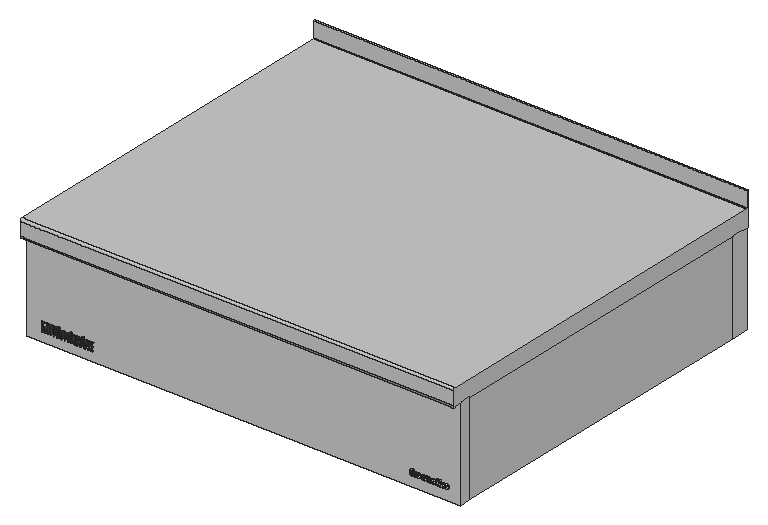
Revit family "QF_ELECTROLUXPROFESSIONAL_588569_MBNABBJOOO", category Attrezzature speciali, Revit 2020
Family settings
  Quota connettore circolare = Usa diametro
  Tipo di parte = Normale
  Basato su piano di lavoro = No
  Sempre verticale = Sì
  Taglio con vuoti quando caricato = No
  Condiviso = No
  Punto di calcolo locali = No
Parameters (values of type "Standard")
  Weight = 29.00 kg
  Watts = 0 W
  Volts = 0 V
  URL Manufacturer = "https://www.electroluxprofessional.com/"
  URL = "https://www.electroluxprofessional.com/"
  Steam Supply Size = 0"
  Steam Supply Minimum Pressure = 0.00 psi
  Steam Supply Maximum Pressure = 0.00 psi
  Steam Consumption per Hour = 0
  Refrigeration Suction Line Size = 0 mm
  Refrigeration Liquid Line Size = 0 mm
  Refrigerant Compressor Remote = yes
  Prospetto di default = 0 mm
  Phase = 0
  Modello = "MBNABBJOOO"
  Produttore = "Electrolux Professional"
  Length Actual = 1000 mm  # constant formula
  Item Number = "588569"
  Hot Water Size = 0"
  Height Actual = 250 mm  # constant formula
  HP = "0 HP"
  Gas Size = 0"
  Gas KW = 0
  Gas Input Pressure = 0.0 Btu/h
  Direct Waste Size = 0"
  Descrizione = "WORK TOP,CLOSED,1S,BACKSPL,1000X850X250H"
  Depth Actual = 850 mm  # constant formula
  Cycle = 0 Hz
  Condensate Return Size = 0"
  Compressed Air Volume = 0 GPM
  Compressed Air Size = 0"
  Compressed Air Pressure = 0.00 psi
  Cold Water Size = 0"
  Accessory = yes
Reference planes
  plane 1 "BACK": y = 0
  plane 2: z = 0
  plane 3 "LEFT": x = 0
  plane 4 "RIGHT": x = 1000
  plane 5 "FRONT": y = -850
  plane 6 "PLAIN": z = 900
  plane 7 "Center (Left/Right)": x = 500
  plane 8 "Center (Front/Back)": y = -425
  plane 9 "Grill": z = 888
  plane 10 "BASE": z = 650
  plane 11 "TOP": z = 938
  plane 12: x = 885
  plane 13: x = 35
Forms (mm)
  Extrusion 1, solid, material "QF_Finishes_Stainless Steel"
    sketch origin (0, 0, 650) x (0, 1, 0) y (0, 0, 1)
      loop
        line (0, 288) -> (-2, 288) -> (-2, 252)
        arc (-2, 252) -> (-2.586, 250.586) -> (-4, 250) r 2
        line (-4, 250) -> (-845, 250)
        arc (-845, 250) -> (-848.536, 248.536) -> (-850, 245) r 5
        line (-850, 245) -> (-850, 214)
        arc (-850, 214) -> (-848.571, 210.936) -> (-845.305, 210.061) r 4
        line (-845.305, 210.061) -> (-830, 212.969) -> (-20, 212.969) -> (-4.695, 210.061)
        arc (-4.695, 210.061) -> (-1.429, 210.936) -> (0, 214) r 4
        line (0, 214) -> (0, 288)
    from 0 to 1000
  Extrusion 2, solid, material "QF_Finishes_Stainless Steel"
    sketch origin (500, 296.4, 1869.2) x (0, 1, 0) y (0, 0, 1)
      loop
        line (-299.4, -1009.461) -> (-316.4, -1006.231) -> (-341.4, -1006.231) -> (-341.4, -1219.2) -> (-299.4, -1219.2) -> (-299.4, -1009.461)
    from -500 to 500
  Extrusion 3, solid, material "QF_Finishes_Stainless Steel"
    sketch origin (0, 0, 650) x (0, 1, 0) y (0, 0, 1)
      loop
        line (-45, 212.969) -> (-805, 212.969) -> (-805, 0) -> (-45, 0) -> (-45, 212.969)
    from 0 to 1000
  Extrusion 4, solid, material "QF_Finishes_Stainless Steel"
    sketch origin (0, 0, 0) x (0, 1, 0) y (0, 0, 1)
      loop
        line (-805, 862.969) -> (-830, 862.969) -> (-830, 650) -> (-805, 650) -> (-805, 862.969)
    from 0 to 1000
Lines and regions (mm)
  symbolic lines
    curve 1: line (0, -850, 0) -> (0, 0, 0)
    curve 2: line (0, -850, 888) -> (1000, -850, 888)
    curve 3: line (1000, 0, 888) -> (0, 0, 888)
    curve 4: line (1000, -850, 888) -> (1000, 0, 888)
    curve 5: line (1000, -2, 888) -> (0, -2, 888)
Dimensions and locks
  plane 3 "LEFT" to plane 4 "RIGHT" = 1000 mm
  plane 5 "FRONT" to plane 1 "BACK" = 850 mm
  equal spacing: plane 3 "LEFT", plane 7 "Center (Left/Right)", plane 4 "RIGHT"
  equal spacing: plane 5 "FRONT", plane 8 "Center (Front/Back)", plane 1 "BACK"
  locked: plane 6 "PLAIN" to level at 900
  plane 6 "PLAIN" to plane 10 "BASE" = 250 mm
  plane 11 "TOP" to plane 6 "PLAIN" = 38 mm
  locked: plane 12 to plane 4 "RIGHT" at 115
  plane 13 to plane 3 "LEFT" = 35 mm
  aligned and locked: level to plane 2
  aligned and locked: Extrusion 4 to plane 3 "LEFT"
  aligned and locked: Extrusion 4 to plane 4 "RIGHT"
  aligned and locked: plane 3 "LEFT" to Extrusion 2
  aligned and locked: Extrusion 2 to plane 4 "RIGHT"
  aligned and locked: Extrusion 3 to plane 4 "RIGHT"
  aligned and locked: Extrusion 3 to plane 3 "LEFT"
  aligned and locked: Extrusion 1 to plane 3 "LEFT"
  aligned and locked: Extrusion 1 to plane 4 "RIGHT"
  aligned and locked: nested 1 to plane 12
Automatic sketch dimensions
  plane 1 "BACK" to curve 1 = 0 mm
  curve 1 to plane 3 "LEFT" = 0 mm
  plane 5 "FRONT" to curve 1 = 0 mm
  Extrusion 1 sketch curve to plane 5 "FRONT" = 0 mm
  Extrusion 1 sketch curve to plane 6 "PLAIN" = 0 mm
  Extrusion 1 sketch curve to plane 11 "TOP" = 0 mm
  Extrusion 1 sketch curve to plane 1 "BACK" = 0 mm
  Extrusion 1 sketch curve to Extrusion 1 sketch curve = 4 mm
  Extrusion 1 sketch curve to Extrusion 1 sketch curve = 0.695 mm
  Extrusion 1 sketch curve to Extrusion 1 sketch curve = 5 mm
  Extrusion 1 sketch curve to Extrusion 1 sketch curve = 15.305 mm
  plane 1 "BACK" to Extrusion 1 sketch curve = 20 mm
  plane 1 "BACK" to Extrusion 1 sketch curve = 4.695 mm
  plane 1 "BACK" to Extrusion 1 sketch curve = 4 mm  (x2)
  plane 1 "BACK" to Extrusion 1 sketch curve = 2 mm
  Extrusion 1 sketch curve to plane 9 "Grill" = 24 mm  (x2)
  Extrusion 1 sketch curve to Extrusion 1 sketch curve = 2.909 mm
  Extrusion 2 sketch curve to plane 10 "BASE" = 0 mm
  plane 1 "BACK" to Extrusion 2 sketch curve = 45 mm
  plane 1 "BACK" to Extrusion 2 sketch curve = 20 mm
  plane 1 "BACK" to Extrusion 2 sketch curve = 3 mm
  Extrusion 2 sketch curve to plane 9 "Grill" = 28.261 mm
  Extrusion 2 sketch curve to plane 9 "Grill" = 25.031 mm
  Extrusion 3 sketch curve to plane 10 "BASE" = 0 mm
  Extrusion 3 sketch curve to plane 5 "FRONT" = 45 mm
  plane 1 "BACK" to Extrusion 3 sketch curve = 45 mm
  Extrusion 3 sketch curve to plane 9 "Grill" = 25.031 mm
  curve 2 to plane 4 "RIGHT" = 0 mm
  plane 5 "FRONT" to curve 2 = 0 mm
  curve 5 to plane 3 "LEFT" = 0 mm
  plane 1 "BACK" to curve 4 = 0 mm
  curve 3 to plane 3 "LEFT" = 0 mm
  curve 2 to plane 3 "LEFT" = 0 mm
  curve 5 to curve 3 = 2 mm
  Extrusion 4 sketch curve to plane 10 "BASE" = 0 mm
  Extrusion 4 sketch curve to plane 5 "FRONT" = 20 mm
  Extrusion 4 sketch curve to Extrusion 4 sketch curve = 25 mm
  Extrusion 4 sketch curve to plane 9 "Grill" = 25.031 mm
Nested families
  nested 1: "ELX_ThermaLine_Small" at (924.867, -830, 680) x (1, 0, 0) z (0, -1, 0), type "ELX_ThermaLine_Small"
    with Show Logo yes, Material_Logo QF_Finishes_Black
  nested 2: "ELX_Professional_Logo_Small" at (94.486, -830, 682.232) x (1, 0, 0) z (0, -1, 0), type "ELX_Professional_Logo_Small"
    with Show Logo yes, Material_Logo QF_Finishes_Black
Definition of nested family "ELX_ThermaLine_Small"
  Parameters
    Show Logo [instance] = yes
    Material_Logo [instance] = none
    Default Elevation = 0 mm
  Reference planes
    plane 1 "Centro (Fronte/Retro)": y = 0
    plane 2: z = 0
    plane 3 "Centro (Sinistra/Destra)": x = 0
  Forms (mm)
    Extrusion 1, solid
      sketch origin (0, 0, 0) x (1, 0, 0) y (0, 1, 0)
        loop
          line (-1219.2, 1219.2) -> (-1219.2, -1219.2) -> (1219.2, -1219.2) -> (1219.2, 1219.2) -> (-1219.2, 1219.2)
      from 0 to -304.8
    Extrusion 2, solid
      sketch origin (0, 0, 0) x (1, 0, 0) y (0, 1, 0)
        loop
          line (-37.494, 1.229) -> (-35.908, 1.229) -> (-35.908, 3.066) -> (-37.494, 3.066) -> (-37.494, 6.221) -> (-39.867, 4.881) -> (-39.867, 3.066) -> (-40.969, 3.066) -> (-40.969, 1.229) -> (-39.867, 1.229) -> (-39.867, -3.407)
          arc (-39.867, -3.407) -> (-38.982, -5.513) -> (-36.751, -6.001) r 2.478
          line (-36.751, -6.001) -> (-35.638, -5.7) -> (-35.9, -3.835) -> (-36.661, -4.039)
          arc (-36.661, -4.039) -> (-37.236, -3.924) -> (-37.494, -3.399) r 0.662
          line (-37.494, -3.399) -> (-37.494, 1.229)
        loop
          line (-34.242, 6.539) -> (-34.242, -5.848) -> (-31.854, -5.848) -> (-31.854, -0.078)
          arc (-31.854, -0.078) -> (-30.939, 1.249) -> (-29.33, 1.367) r 1.866
          arc (-29.33, 1.367) -> (-28.695, 0.768) -> (-28.461, -0.073) r 1.627
          line (-28.461, -0.073) -> (-28.461, -5.848) -> (-26.086, -5.848) -> (-26.064, -0.46)
          arc (-26.064, -0.46) -> (-26.261, 0.932) -> (-26.786, 2.237) r 5.825
          arc (-26.786, 2.237) -> (-29.381, 3.264) -> (-31.854, 1.971) r 3.353
          line (-31.854, 1.971) -> (-31.854, 6.539) -> (-34.242, 6.539)
        loop
          arc (-18.398, -0.598) -> (-18.893, 0.879) -> (-20.326, 1.487) r 1.897
          arc (-20.326, 1.487) -> (-21.461, 0.708) -> (-21.897, -0.598) r 2.164
          line (-21.897, -0.598) -> (-18.398, -0.598)
        loop
          arc (-16.021, -2.044) -> (-16.754, 1.227) -> (-19.444, 3.226) r 4.814
          arc (-19.444, 3.226) -> (-22.137, 2.788) -> (-23.943, 0.743) r 4.054
          arc (-23.943, 0.743) -> (-24.382, -1.249) -> (-24.162, -3.276) r 6.289
          arc (-24.162, -3.276) -> (-23.302, -4.71) -> (-21.958, -5.705) r 4.28
          arc (-21.958, -5.705) -> (-18.558, -5.814) -> (-16.152, -3.409) r 4.28
          line (-16.152, -3.409) -> (-18.5, -2.995)
          arc (-18.5, -2.995) -> (-19.273, -3.994) -> (-20.533, -4.076) r 1.536
          arc (-20.533, -4.076) -> (-21.56, -3.281) -> (-21.958, -2.044) r 2.197
          line (-21.958, -2.044) -> (-16.021, -2.044)
        loop
          line (-14.165, -5.848) -> (-11.819, -5.848) -> (-11.819, -2.138)
          arc (-11.819, -2.138) -> (-11.787, -1.156) -> (-11.637, -0.185) r 8.18
          arc (-11.637, -0.185) -> (-10.644, 0.972) -> (-9.132, 0.776) r 1.603
          line (-9.132, 0.776) -> (-8.419, 2.846)
          arc (-8.419, 2.846) -> (-10.432, 3.118) -> (-11.994, 1.821) r 2.527
          line (-11.994, 1.821) -> (-11.994, 3.094) -> (-14.165, 3.094) -> (-14.165, -5.848)
        loop
          line (-7.579, 3.094) -> (-7.579, -5.848) -> (-5.178, -5.848) -> (-5.178, -0.756)
          arc (-5.178, -0.756) -> (-4.727, 0.679) -> (-3.417, 1.419) r 2.05
          arc (-3.417, 1.419) -> (-2.499, 0.908) -> (-2.155, -0.085) r 1.471
          line (-2.155, -0.085) -> (-2.155, -5.848) -> (0.23, -5.848) -> (0.23, -1.001)
          arc (0.23, -1.001) -> (0.47, 0.127) -> (1.148, 1.061) r 2.775
          arc (1.148, 1.061) -> (2.225, 1.329) -> (3.05, 0.587) r 1.182
          arc (3.05, 0.587) -> (3.199, -0.019) -> (3.214, -0.642) r 2.894
          line (3.214, -0.642) -> (3.214, -5.848) -> (5.601, -5.848) -> (5.601, 0.261)
          arc (5.601, 0.261) -> (4.87, 2.263) -> (2.976, 3.241) r 2.932
          arc (2.976, 3.241) -> (1.284, 2.973) -> (-0.047, 1.896) r 3.309
          arc (-0.047, 1.896) -> (-1.116, 2.865) -> (-2.506, 3.258) r 3.16
          arc (-2.506, 3.258) -> (-4.105, 2.942) -> (-5.376, 1.92) r 3.419
          line (-5.376, 1.92) -> (-5.376, 3.094) -> (-7.579, 3.094)
        loop
          line (7.583, 0.738) -> (9.702, 0.364)
          arc (9.702, 0.364) -> (11.441, 1.492) -> (12.855, -0.023) r 1.613
          line (12.855, -0.023) -> (9.782, -0.789)
          arc (9.782, -0.789) -> (8.559, -1.346) -> (7.617, -2.305) r 3.687
          arc (7.617, -2.305) -> (7.499, -3.681) -> (7.901, -5.003) r 3.651
          arc (7.901, -5.003) -> (9.107, -5.766) -> (10.515, -6.006) r 3.635
          arc (10.515, -6.006) -> (11.898, -5.697) -> (13.067, -4.895) r 3.734
          line (13.067, -4.895) -> (13.376, -5.848) -> (15.75, -5.848) -> (15.212, -4.193) -> (15.212, 0.38)
          arc (15.212, 0.38) -> (14.897, 1.849) -> (13.818, 2.895) r 2.585
          arc (13.818, 2.895) -> (11.792, 3.442) -> (9.719, 3.11) r 5.005
          arc (9.719, 3.11) -> (8.369, 2.178) -> (7.583, 0.738) r 3.54
        loop
          line (19.723, -5.848) -> (22.233, -5.848) -> (24.854, 6.484) -> (22.345, 6.484) -> (19.723, -5.848)
        loop
          line (24.583, -5.848) -> (26.953, -5.848) -> (28.848, 3.066) -> (26.478, 3.066) -> (24.583, -5.848)
        loop
          line (27.204, 6.484) -> (26.741, 4.305) -> (29.111, 4.305) -> (29.575, 6.484) -> (27.204, 6.484)
        loop
          line (29.355, -5.848) -> (31.849, -5.848) -> (33.098, 0.028)
          arc (33.098, 0.028) -> (34.169, 1.306) -> (35.832, 1.422) r 2.132
          arc (35.832, 1.422) -> (36.324, 0.752) -> (36.383, -0.078) r 1.5
          line (36.383, -0.078) -> (35.157, -5.848) -> (37.536, -5.848) -> (38.936, 0.738)
          arc (38.936, 0.738) -> (38.775, 2.091) -> (37.825, 3.066) r 2.118
          arc (37.825, 3.066) -> (35.392, 3.175) -> (33.295, 1.937) r 4.271
          line (33.295, 1.937) -> (33.535, 3.066) -> (31.25, 3.066) -> (29.355, -5.848)
        loop
          line (42.792, -0.64) -> (46.589, -0.64)
          arc (46.589, -0.64) -> (46.639, 0.124) -> (46.327, 0.823) r 1.589
          arc (46.327, 0.823) -> (45.117, 1.521) -> (43.762, 1.183) r 1.865
          arc (43.762, 1.183) -> (43.141, 0.344) -> (42.792, -0.64) r 3.538
        loop
          line (42.565, -2.138) -> (48.593, -2.138)
          arc (48.593, -2.138) -> (48.58, 0.597) -> (46.983, 2.818) r 4.494
          arc (46.983, 2.818) -> (44.191, 3.28) -> (41.725, 1.891) r 4.26
          arc (41.725, 1.891) -> (40.503, -0.3) -> (40.284, -2.799) r 6.003
          arc (40.284, -2.799) -> (40.959, -4.468) -> (42.377, -5.576) r 3.482
          arc (42.377, -5.576) -> (44.265, -5.961) -> (46.152, -5.576) r 4.823
          arc (46.152, -5.576) -> (47.432, -4.731) -> (48.328, -3.485) r 4.245
          line (48.328, -3.485) -> (46.168, -3.105)
          arc (46.168, -3.105) -> (45.214, -4.072) -> (43.859, -4.181) r 1.953
          arc (43.859, -4.181) -> (42.821, -3.408) -> (42.565, -2.138) r 1.81
        loop
          line (12.868, -1.553) -> (10.216, -2.214)
          arc (10.216, -2.214) -> (9.747, -3.136) -> (10.216, -4.058) r 1.14
          arc (10.216, -4.058) -> (11.537, -4.249) -> (12.614, -3.46) r 1.763
          arc (12.614, -3.46) -> (12.858, -2.522) -> (12.868, -1.553) r 3.97
      from 0 to 1.6
  Dimensions and locks
    aligned and locked: plane 2 to Extrusion 1
    aligned and locked: level to Extrusion 1
Definition of nested family "ELX_Professional_Logo_Small"
  Parameters
    Show Logo [instance] = yes
    Material_Logo [instance] = none
    Default Elevation = 0 mm
  Reference planes
    plane 1 "Centro (Fronte/Retro)": y = 0
    plane 2: z = 0
    plane 3 "Centro (Sinistra/Destra)": x = 0
  Forms (mm)
    Extrusion 1, solid
      sketch origin (0, 0, 0) x (1, 0, 0) y (0, 1, 0)
        loop
          line (-1219.2, 1219.2) -> (-1219.2, -1219.2) -> (1219.2, -1219.2) -> (1219.2, 1219.2) -> (-1219.2, 1219.2)
      from 0 to -304.8
    Extrusion 2, solid, material <- "Material_Logo"
      sketch origin (15.5, 0, 0) x (1, 0, 0) y (0, 1, 0)
        loop
          spline (-42.99, -1.24) -> (-43.195, -1.231) -> (-43.415, -1.203) -> (-43.642, -1.152) -> (-43.87, -1.074) -> (-44.095, -0.966) -> (-44.309, -0.825) -> (-44.506, -0.647) -> (-44.681, -0.429) -> (-44.828, -0.167) -> (-44.94, 0.142) -> (-45.011, 0.501) -> (-45.037, 0.915)
          line (-45.037, 0.915) -> (-45.037, 2.748) -> (-38.984, 2.748) -> (-38.984, 5.086) -> (-45.038, 5.086) -> (-45.038, 8.489) -> (-38.599, 8.489) -> (-38.599, 10.82) -> (-47.515, 10.82) -> (-47.515, 1.021)
          spline (-47.515, 1.021) -> (-47.493, 0.418) -> (-47.425, -0.15) -> (-47.311, -0.682) -> (-47.15, -1.175) -> (-46.939, -1.628) -> (-46.678, -2.038) -> (-46.365, -2.404) -> (-46, -2.723) -> (-45.58, -2.995) -> (-45.105, -3.216) -> (-44.573, -3.385) -> (-43.983, -3.499)
          line (-43.983, -3.499) -> (-43.01, -3.569) -> (-38.426, -3.569) -> (-38.426, -1.24) -> (-42.99, -1.24)
        loop
          line (-36.666, 4.021) -> (-36.666, -3.573) -> (-34.188, -3.573) -> (-34.188, 10.824) -> (-36.666, 10.824) -> (-36.666, 4.021)
        loop
          spline (-21.915, 1.897) -> (-21.957, 2.615) -> (-22.082, 3.303) -> (-22.285, 3.955) -> (-22.563, 4.564) -> (-22.913, 5.124) -> (-23.331, 5.629) -> (-23.814, 6.074) -> (-24.359, 6.451) -> (-24.961, 6.755) -> (-25.618, 6.98) -> (-26.326, 7.119) -> (-27.081, 7.167)
          spline (-27.081, 7.167) -> (-27.853, 7.122) -> (-28.586, 6.99) -> (-29.275, 6.774) -> (-29.915, 6.478) -> (-30.5, 6.104) -> (-31.024, 5.657) -> (-31.483, 5.138) -> (-31.871, 4.553) -> (-32.182, 3.904) -> (-32.411, 3.194) -> (-32.552, 2.427) -> (-32.6, 1.606)
          spline (-32.6, 1.606) -> (-32.553, 0.805) -> (-32.416, 0.057) -> (-32.193, -0.637) -> (-31.887, -1.271) -> (-31.504, -1.843) -> (-31.048, -2.35) -> (-30.523, -2.788) -> (-29.934, -3.154) -> (-29.284, -3.444) -> (-28.579, -3.656) -> (-27.822, -3.785) -> (-27.019, -3.829)
          spline (-27.019, -3.829) -> (-26.627, -3.82) -> (-26.239, -3.79) -> (-25.856, -3.739) -> (-25.477, -3.663) -> (-25.103, -3.562) -> (-24.734, -3.432) -> (-24.369, -3.273) -> (-24.01, -3.082) -> (-23.655, -2.858) -> (-23.305, -2.597) -> (-22.96, -2.299) -> (-22.621, -1.962)
          line (-22.621, -1.962) -> (-24.114, -0.509)
          spline (-24.114, -0.509) -> (-24.311, -0.699) -> (-24.509, -0.872) -> (-24.71, -1.03) -> (-24.915, -1.172) -> (-25.126, -1.297) -> (-25.346, -1.407) -> (-25.576, -1.5) -> (-25.817, -1.576) -> (-26.072, -1.636) -> (-26.342, -1.678) -> (-26.629, -1.704) -> (-26.936, -1.713)
          spline (-26.936, -1.713) -> (-27.384, -1.691) -> (-27.805, -1.625) -> (-28.196, -1.518) -> (-28.556, -1.372) -> (-28.882, -1.187) -> (-29.174, -0.966) -> (-29.429, -0.71) -> (-29.645, -0.422) -> (-29.821, -0.102) -> (-29.955, 0.247) -> (-30.045, 0.623) -> (-30.089, 1.026)
          line (-30.089, 1.026) -> (-21.956, 1.026) -> (-21.915, 1.897)
        loop
          spline (-24.446, 2.769) -> (-24.47, 3.075) -> (-24.54, 3.37) -> (-24.654, 3.65) -> (-24.807, 3.913) -> (-24.996, 4.156) -> (-25.219, 4.376) -> (-25.472, 4.57) -> (-25.753, 4.736) -> (-26.057, 4.869) -> (-26.382, 4.968) -> (-26.724, 5.03) -> (-27.081, 5.051)
          spline (-27.081, 5.051) -> (-27.464, 5.03) -> (-27.832, 4.97) -> (-28.183, 4.872) -> (-28.513, 4.74) -> (-28.819, 4.577) -> (-29.099, 4.384) -> (-29.347, 4.165) -> (-29.563, 3.923) -> (-29.742, 3.659) -> (-29.881, 3.377) -> (-29.977, 3.079) -> (-30.027, 2.769)
          line (-30.027, 2.769) -> (-24.446, 2.769)
        loop
          spline (-18.167, 1.669) -> (-18.138, 2.13) -> (-18.055, 2.567) -> (-17.921, 2.978) -> (-17.739, 3.358) -> (-17.512, 3.705) -> (-17.243, 4.016) -> (-16.937, 4.287) -> (-16.596, 4.517) -> (-16.223, 4.7) -> (-15.823, 4.835) -> (-15.398, 4.919) -> (-14.951, 4.947)
          spline (-14.951, 4.947) -> (-14.677, 4.938) -> (-14.414, 4.913) -> (-14.162, 4.871) -> (-13.921, 4.812) -> (-13.69, 4.738) -> (-13.467, 4.649) -> (-13.254, 4.544) -> (-13.048, 4.424) -> (-12.85, 4.291) -> (-12.659, 4.143) -> (-12.474, 3.981) -> (-12.295, 3.806)
          line (-12.295, 3.806) -> (-10.76, 5.403)
          spline (-10.76, 5.403) -> (-11.065, 5.709) -> (-11.38, 5.984) -> (-11.703, 6.228) -> (-12.035, 6.443) -> (-12.375, 6.63) -> (-12.723, 6.788) -> (-13.078, 6.92) -> (-13.44, 7.026) -> (-13.809, 7.107) -> (-14.184, 7.164) -> (-14.564, 7.198) -> (-14.951, 7.209)
          spline (-14.951, 7.209) -> (-15.725, 7.161) -> (-16.467, 7.02) -> (-17.169, 6.792) -> (-17.826, 6.482) -> (-18.43, 6.096) -> (-18.976, 5.637) -> (-19.455, 5.112) -> (-19.862, 4.525) -> (-20.19, 3.882) -> (-20.433, 3.189) -> (-20.584, 2.449) -> (-20.635, 1.669)
          spline (-20.635, 1.669) -> (-20.584, 0.889) -> (-20.433, 0.149) -> (-20.19, -0.545) -> (-19.862, -1.187) -> (-19.455, -1.774) -> (-18.976, -2.299) -> (-18.43, -2.758) -> (-17.826, -3.145) -> (-17.169, -3.454) -> (-16.467, -3.682) -> (-15.725, -3.823) -> (-14.951, -3.871)
          spline (-14.951, -3.871) -> (-14.564, -3.86) -> (-14.184, -3.826) -> (-13.809, -3.77) -> (-13.44, -3.689) -> (-13.078, -3.583) -> (-12.723, -3.451) -> (-12.375, -3.292) -> (-12.035, -3.105) -> (-11.703, -2.89) -> (-11.38, -2.646) -> (-11.065, -2.371) -> (-10.76, -2.066)
          line (-10.76, -2.066) -> (-12.295, -0.468)
          spline (-12.295, -0.468) -> (-12.474, -0.643) -> (-12.659, -0.805) -> (-12.85, -0.953) -> (-13.048, -1.087) -> (-13.254, -1.206) -> (-13.467, -1.311) -> (-13.69, -1.4) -> (-13.921, -1.475) -> (-14.162, -1.533) -> (-14.414, -1.575) -> (-14.677, -1.6) -> (-14.951, -1.609)
          spline (-14.951, -1.609) -> (-15.398, -1.581) -> (-15.823, -1.497) -> (-16.223, -1.362) -> (-16.596, -1.179) -> (-16.937, -0.95) -> (-17.243, -0.678) -> (-17.512, -0.367) -> (-17.739, -0.02) -> (-17.921, 0.36) -> (-18.055, 0.771) -> (-18.138, 1.208) -> (-18.167, 1.669)
        loop
          spline (-4.441, -1.243) -> (-4.659, -1.247) -> (-4.894, -1.23) -> (-5.137, -1.19) -> (-5.384, -1.121) -> (-5.628, -1.021) -> (-5.864, -0.884) -> (-6.084, -0.708) -> (-6.283, -0.488) -> (-6.454, -0.219) -> (-6.592, 0.101) -> (-6.69, 0.478) -> (-6.742, 0.914)
          line (-6.742, 0.914) -> (-6.742, 4.587) -> (-4.487, 4.587) -> (-4.487, 6.838) -> (-6.738, 6.838) -> (-6.738, 10.824) -> (-9.217, 10.824) -> (-9.217, 0.773)
          spline (-9.217, 0.773) -> (-9.164, 0.19) -> (-9.068, -0.358) -> (-8.928, -0.87) -> (-8.742, -1.343) -> (-8.511, -1.777) -> (-8.232, -2.168) -> (-7.904, -2.515) -> (-7.527, -2.816) -> (-7.098, -3.069) -> (-6.618, -3.273) -> (-6.084, -3.426) -> (-5.496, -3.525)
          line (-5.496, -3.525) -> (-4.45, -3.573) -> (-4.441, -1.243)
        loop
          spline (3.898, 6.983) -> (3.469, 7.009) -> (3.056, 7.001) -> (2.661, 6.961) -> (2.283, 6.888) -> (1.925, 6.785) -> (1.588, 6.652) -> (1.272, 6.49) -> (0.979, 6.301) -> (0.71, 6.085) -> (0.465, 5.844) -> (0.247, 5.578) -> (0.056, 5.289)
          line (0.056, 5.289) -> (0.056, 6.838) -> (-2.402, 6.838) -> (-2.402, -3.572) -> (0.056, -3.572) -> (0.056, 1.901)
          spline (0.056, 1.901) -> (0.079, 2.316) -> (0.145, 2.703) -> (0.254, 3.06) -> (0.404, 3.386) -> (0.592, 3.679) -> (0.818, 3.938) -> (1.08, 4.162) -> (1.375, 4.348) -> (1.703, 4.495) -> (2.062, 4.602) -> (2.45, 4.668) -> (2.865, 4.69)
          line (2.865, 4.69) -> (3.898, 4.586) -> (3.898, 6.983)
        loop
          spline (15.638, 1.633) -> (15.586, 2.396) -> (15.435, 3.124) -> (15.192, 3.81) -> (14.863, 4.449) -> (14.455, 5.034) -> (13.975, 5.56) -> (13.43, 6.021) -> (12.826, 6.411) -> (12.17, 6.724) -> (11.469, 6.955) -> (10.729, 7.098) -> (9.958, 7.147)
          spline (9.958, 7.147) -> (9.182, 7.098) -> (8.44, 6.955) -> (7.737, 6.724) -> (7.081, 6.411) -> (6.477, 6.021) -> (5.933, 5.56) -> (5.454, 5.034) -> (5.048, 4.449) -> (4.721, 3.81) -> (4.479, 3.124) -> (4.329, 2.396) -> (4.277, 1.633)
          spline (4.277, 1.633) -> (4.329, 0.869) -> (4.479, 0.141) -> (4.721, -0.544) -> (5.048, -1.183) -> (5.454, -1.768) -> (5.933, -2.294) -> (6.477, -2.755) -> (7.081, -3.145) -> (7.737, -3.459) -> (8.44, -3.69) -> (9.182, -3.833) -> (9.958, -3.882)
          spline (9.958, -3.882) -> (10.729, -3.833) -> (11.469, -3.69) -> (12.17, -3.459) -> (12.826, -3.145) -> (13.43, -2.755) -> (13.975, -2.294) -> (14.455, -1.768) -> (14.863, -1.183) -> (15.192, -0.544) -> (15.435, 0.141) -> (15.586, 0.869) -> (15.638, 1.633)
        loop
          spline (13.18, 1.633) -> (13.151, 2.083) -> (13.067, 2.513) -> (12.932, 2.918) -> (12.748, 3.296) -> (12.52, 3.642) -> (12.251, 3.954) -> (11.943, 4.227) -> (11.601, 4.459) -> (11.228, 4.645) -> (10.828, 4.782) -> (10.403, 4.867) -> (9.958, 4.896)
          spline (9.958, 4.896) -> (9.509, 4.867) -> (9.081, 4.782) -> (8.679, 4.645) -> (8.306, 4.459) -> (7.964, 4.227) -> (7.658, 3.954) -> (7.39, 3.642) -> (7.163, 3.296) -> (6.981, 2.918) -> (6.847, 2.513) -> (6.765, 2.083) -> (6.736, 1.633)
          spline (6.736, 1.633) -> (6.765, 1.182) -> (6.847, 0.753) -> (6.981, 0.347) -> (7.163, -0.031) -> (7.39, -0.377) -> (7.658, -0.689) -> (7.964, -0.962) -> (8.306, -1.193) -> (8.679, -1.38) -> (9.081, -1.517) -> (9.509, -1.602) -> (9.958, -1.631)
          spline (9.958, -1.631) -> (10.403, -1.602) -> (10.828, -1.517) -> (11.228, -1.38) -> (11.601, -1.193) -> (11.943, -0.962) -> (12.251, -0.689) -> (12.52, -0.377) -> (12.748, -0.031) -> (12.932, 0.347) -> (13.067, 0.753) -> (13.151, 1.182) -> (13.18, 1.633)
        loop
          line (17.162, 4.269) -> (17.162, -3.573) -> (19.642, -3.573) -> (19.642, 10.824) -> (17.162, 10.824) -> (17.162, 4.269)
        loop
          line (28.581, 6.838) -> (28.581, 0.786)
          spline (28.581, 0.786) -> (28.561, 0.393) -> (28.503, 0.038) -> (28.409, -0.279) -> (28.281, -0.559) -> (28.122, -0.802) -> (27.933, -1.011) -> (27.717, -1.185) -> (27.476, -1.325) -> (27.213, -1.433) -> (26.929, -1.509) -> (26.626, -1.554) -> (26.308, -1.569)
          spline (26.308, -1.569) -> (25.99, -1.554) -> (25.688, -1.509) -> (25.404, -1.434) -> (25.141, -1.326) -> (24.9, -1.187) -> (24.684, -1.014) -> (24.496, -0.807) -> (24.336, -0.565) -> (24.209, -0.288) -> (24.115, 0.026) -> (24.057, 0.376) -> (24.037, 0.765)
          line (24.037, 0.765) -> (24.037, 6.838) -> (21.537, 6.838) -> (21.537, 0.558)
          spline (21.537, 0.558) -> (21.581, -0.153) -> (21.71, -0.8) -> (21.916, -1.384) -> (22.195, -1.904) -> (22.54, -2.362) -> (22.944, -2.757) -> (23.403, -3.09) -> (23.909, -3.362) -> (24.456, -3.572) -> (25.04, -3.722) -> (25.652, -3.811) -> (26.288, -3.841)
          spline (26.288, -3.841) -> (26.929, -3.811) -> (27.547, -3.72) -> (28.135, -3.568) -> (28.687, -3.355) -> (29.197, -3.079) -> (29.66, -2.741) -> (30.068, -2.341) -> (30.415, -1.877) -> (30.696, -1.349) -> (30.905, -0.757) -> (31.034, -0.101) -> (31.079, 0.621)
          line (31.079, 0.621) -> (31.079, 6.838) -> (28.581, 6.838)
        loop
          line (40.457, -0.243) -> (38.894, 1.942) -> (40.83, 4.579) -> (42.488, 6.837) -> (39.782, 6.837) -> (37.53, 3.719) -> (35.258, 6.837) -> (32.573, 6.837) -> (34.113, 4.731) -> (36.167, 1.922) -> (34.014, -1.076) -> (32.222, -3.573) -> (34.887, -3.573) -> (37.53, 0.104) -> (40.174, -3.573) -> (42.839, -3.573) -> (40.457, -0.243)
        loop
          line (-46.121, -5.837) -> (-48.039, -5.837) -> (-48.039, -10.814) -> (-47.016, -10.814) -> (-47.016, -9.128) -> (-46.121, -9.128)
          arc (-46.121, -9.128) -> (-44.476, -7.482) -> (-46.121, -5.837) r 1.645
        loop
          line (-46.163, -6.778) -> (-47.016, -6.778) -> (-47.016, -8.187) -> (-46.163, -8.187)
          arc (-46.163, -8.187) -> (-45.458, -7.482) -> (-46.163, -6.778) r 0.704
        loop
          line (-38.313, -5.837) -> (-40.265, -5.837) -> (-40.265, -10.814) -> (-39.241, -10.814) -> (-39.241, -9.1) -> (-38.46, -9.182) -> (-37.48, -10.814) -> (-36.318, -10.814) -> (-37.513, -8.848)
          arc (-37.513, -8.848) -> (-36.888, -8.266) -> (-36.671, -7.441) r 1.536
          arc (-36.671, -7.441) -> (-37.165, -6.305) -> (-38.313, -5.837) r 1.643
        loop
          arc (-38.402, -8.166) -> (-37.707, -7.505) -> (-38.334, -6.778) r 0.696
          line (-38.334, -6.778) -> (-39.241, -6.778) -> (-39.241, -8.166) -> (-38.402, -8.166)
        loop
          circle (-29.965, -8.325) r 2.585
        loop
          circle (-29.965, -8.325) r 1.64
        loop
          line (-23.1, -5.837) -> (-23.1, -10.814) -> (-22.076, -10.814) -> (-22.076, -8.768) -> (-20.204, -8.768) -> (-20.204, -7.828) -> (-22.076, -7.828) -> (-22.076, -6.778) -> (-20.024, -6.778) -> (-20.024, -5.837) -> (-23.1, -5.837)
        loop
          line (-15.802, -5.837) -> (-15.802, -9.2)
          arc (-15.802, -9.2) -> (-15.343, -10.34) -> (-14.209, -10.814) r 1.593
          line (-14.209, -10.814) -> (-12.602, -10.814) -> (-12.602, -10.027) -> (-14.004, -10.027)
          arc (-14.004, -10.027) -> (-14.552, -9.8) -> (-14.779, -9.252) r 0.775
          line (-14.779, -9.252) -> (-14.779, -8.424) -> (-12.789, -8.424) -> (-12.789, -7.642) -> (-14.779, -7.642) -> (-14.779, -6.778) -> (-12.651, -6.778) -> (-12.651, -5.837) -> (-15.802, -5.837)
        loop
          line (-5.909, -7.143) -> (-5.173, -6.638)
          arc (-5.173, -6.638) -> (-5.855, -5.974) -> (-6.781, -5.755) r 1.782
          arc (-6.781, -5.755) -> (-7.397, -5.878) -> (-7.944, -6.189) r 1.974
          arc (-7.944, -6.189) -> (-8.202, -6.5) -> (-8.317, -6.888) r 1.013
          arc (-8.317, -6.888) -> (-8.306, -7.341) -> (-8.192, -7.78) r 1.985
          arc (-8.192, -7.78) -> (-7.749, -8.259) -> (-7.171, -8.563) r 1.928
          arc (-7.171, -8.563) -> (-6.637, -8.779) -> (-6.131, -9.056) r 5.041
          arc (-6.131, -9.056) -> (-5.934, -9.387) -> (-6.09, -9.74) r 0.42
          arc (-6.09, -9.74) -> (-6.631, -9.96) -> (-7.204, -9.845) r 1.016
          arc (-7.204, -9.845) -> (-7.625, -9.603) -> (-7.889, -9.196) r 1.033
          line (-7.889, -9.196) -> (-8.67, -9.686)
          arc (-8.67, -9.686) -> (-8.361, -10.198) -> (-7.908, -10.589) r 1.914
          arc (-7.908, -10.589) -> (-7.334, -10.834) -> (-6.714, -10.896) r 2.063
          arc (-6.714, -10.896) -> (-5.947, -10.743) -> (-5.256, -10.376) r 2.696
          arc (-5.256, -10.376) -> (-4.95, -9.565) -> (-5.108, -8.712) r 1.618
          arc (-5.108, -8.712) -> (-5.448, -8.319) -> (-5.884, -8.035) r 1.876
          arc (-5.884, -8.035) -> (-6.434, -7.789) -> (-6.999, -7.577) r 9.883
          arc (-6.999, -7.577) -> (-7.325, -7.07) -> (-6.854, -6.694) r 0.45
          arc (-6.854, -6.694) -> (-6.329, -6.809) -> (-5.909, -7.143) r 1.197
        loop
          line (1.61, -7.143) -> (2.345, -6.638)
          arc (2.345, -6.638) -> (1.663, -5.974) -> (0.737, -5.755) r 1.782
          arc (0.737, -5.755) -> (0.121, -5.878) -> (-0.425, -6.189) r 1.974
          arc (-0.425, -6.189) -> (-0.683, -6.5) -> (-0.799, -6.888) r 1.013
          arc (-0.799, -6.888) -> (-0.788, -7.341) -> (-0.674, -7.78) r 1.985
          arc (-0.674, -7.78) -> (-0.231, -8.259) -> (0.347, -8.563) r 1.928
          arc (0.347, -8.563) -> (0.881, -8.779) -> (1.387, -9.056) r 5.041
          arc (1.387, -9.056) -> (1.584, -9.387) -> (1.428, -9.74) r 0.42
          arc (1.428, -9.74) -> (0.887, -9.96) -> (0.314, -9.845) r 1.016
          arc (0.314, -9.845) -> (-0.107, -9.603) -> (-0.371, -9.196) r 1.033
          line (-0.371, -9.196) -> (-1.152, -9.686)
          arc (-1.152, -9.686) -> (-0.842, -10.198) -> (-0.39, -10.589) r 1.914
          arc (-0.39, -10.589) -> (0.184, -10.834) -> (0.804, -10.896) r 2.063
          arc (0.804, -10.896) -> (1.572, -10.743) -> (2.263, -10.376) r 2.696
          arc (2.263, -10.376) -> (2.568, -9.565) -> (2.411, -8.712) r 1.618
          arc (2.411, -8.712) -> (2.07, -8.319) -> (1.635, -8.035) r 1.876
          arc (1.635, -8.035) -> (1.084, -7.789) -> (0.519, -7.577) r 9.883
          arc (0.519, -7.577) -> (0.193, -7.07) -> (0.665, -6.694) r 0.45
          arc (0.665, -6.694) -> (1.189, -6.809) -> (1.61, -7.143) r 1.197
        loop
          line (6.801, -5.837) -> (6.801, -10.814) -> (7.825, -10.814) -> (7.825, -5.837) -> (6.801, -5.837)
        loop
          circle (14.724, -8.325) r 1.548
        loop
          circle (14.724, -8.325) r 2.585
        loop
          line (21.59, -10.814) -> (22.623, -10.814) -> (22.623, -7.685) -> (24.9, -10.814) -> (25.895, -10.814) -> (25.895, -5.837) -> (24.861, -5.837) -> (24.861, -9.061) -> (22.585, -5.837) -> (21.59, -5.837) -> (21.59, -10.814)
        loop
          line (31.054, -10.814) -> (31.539, -9.74) -> (33.38, -9.74) -> (33.865, -10.814) -> (34.965, -10.814) -> (32.46, -5.837) -> (29.956, -10.814) -> (31.054, -10.814)
        loop
          line (32.46, -7.698) -> (31.999, -8.719) -> (32.921, -8.719) -> (32.46, -7.698)
        loop
          line (40.047, -9.873) -> (40.047, -5.837) -> (39.024, -5.837) -> (39.024, -10.814) -> (41.961, -10.814) -> (41.961, -9.873) -> (40.047, -9.873)
        loop
          line (-74.986, -10.814) -> (-53.322, -10.814) -> (-53.322, 10.82) -> (-74.986, 10.82) -> (-74.986, -10.814)
        loop
          line (-61.261, 9.758) -> (-61.261, -9.707)
          arc (-61.261, -9.707) -> (-54.066, 0.025) -> (-61.261, 9.758) r 10.18
        loop
          line (-62.251, 8.349) -> (-62.251, 9.758)
          arc (-62.251, 9.758) -> (-70.347, 7.918) -> (-74.247, 0.59) r 9.976
          line (-74.247, 0.59) -> (-71.026, 0.59)
          arc (-71.026, 0.59) -> (-65.274, 2.925) -> (-62.251, 8.349) r 9.351
        loop
          arc (-74.247, -0.539) -> (-70.353, -7.928) -> (-62.251, -9.957) r 10.237
          line (-62.251, -9.957) -> (-62.251, -8.298)
          arc (-62.251, -8.298) -> (-65.274, -2.874) -> (-71.026, -0.539) r 9.351
          line (-71.026, -0.539) -> (-74.247, -0.539)
      from 0 to 1.644
  Dimensions and locks
    aligned and locked: plane 2 to Extrusion 1
    aligned and locked: level to Extrusion 1
